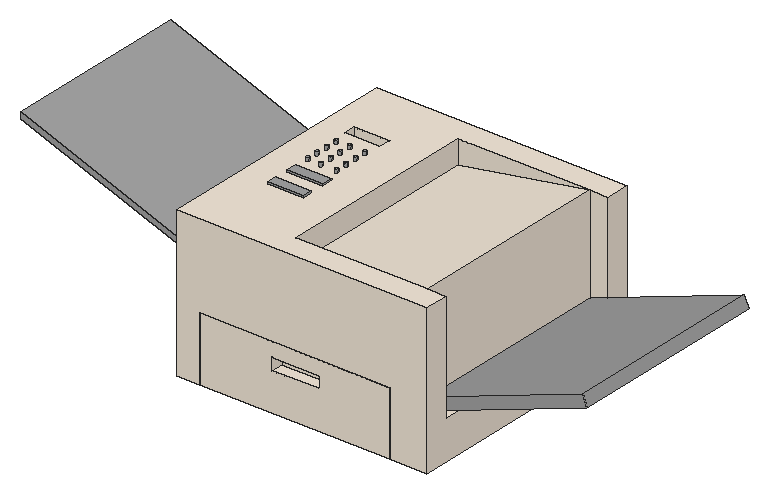
Revit family
Parameters
  Material Trays/Buttons = Plastic - Gray,Dark
  Material Fax = Plastic - White
  Keynote = "N"
  Assembly Code = "E1010800"
Reference planes
  plane 1 "Center F/B": y = 24.669
  plane 2: z = 0
  plane 3 "Center L/R": x = -2.165
  plane 4: x = -268.865
  plane 5: x = 264.535
  plane 6: y = 291.369
  plane 7: y = -242.031
Forms (mm)
  Extrusion 1, solid, material "Plastic - White" <- "Material Fax"
    sketch origin (0, 0, -472.355) x (1, 0, 0) y (0, 1, 0)
      loop
        line (-268.865, 291.369) -> (-268.865, -242.031) -> (264.535, -242.031) -> (264.535, 291.369) -> (-268.865, 291.369)
    from 472.355 to 789.122
  Extrusion 2, void
    sketch origin (-268.865, -242.031, -155.588) x (0, 0, -1) y (1, 0, 0)
      loop
        line (-155.588, 48.279) -> (-155.588, 454.679) -> (-292.833, 454.679) -> (-292.833, 48.279) -> (-155.588, 48.279)
    from 0 to -50.8
  Extrusion 3, solid, material "Plastic - White" <- "Material Fax"
    sketch origin (0, 24.669, -472.355) x (1, 0, 0) y (0, 0, 1)
      loop
        line (-220.586, 472.355) -> (185.814, 472.355) -> (185.814, 609.6) -> (-220.586, 609.6) -> (-220.586, 472.355)
    from 266.7 to 215.9
  Extrusion 4, void
    sketch origin (-268.865, -242.031, -155.588) x (0, 0, -1) y (1, 0, 0)
      loop
        line (-262.092, 202.091) -> (-236.692, 202.091) -> (-236.692, 303.691) -> (-262.092, 303.691) -> (-262.092, 202.091)
    from 0 to -25.4
  Extrusion 5, solid, material "Plastic - Gray,Dark" <- "Material Trays/Buttons"
    sketch origin (0, 24.669, 0) x (1, 0, 0) y (0, 0, 1)
      loop
        line (-268.865, 200.666) -> (-268.865, 213.516) -> (-644.763, 350.332) -> (-644.763, 337.481) -> (-268.865, 200.666)
    from -185.012 to 215.9
  Extrusion 6, void
    sketch origin (264.535, -242.031, 316.767) x (0, 0, -1) y (0, 1, 0)
      loop
        line (-20.714, 50.8) -> (233.286, 50.8) -> (233.286, 482.6) -> (-20.714, 482.6) -> (-20.714, 50.8)
    from 0 to -39.149
  Extrusion 7, solid, material "Plastic - Gray,Dark" <- "Material Trays/Buttons"
    sketch origin (-10.177, 24.669, 11.745) x (1, 0, 0) y (0, 0, 1)
      loop
        line (235.563, 72.937) -> (574.821, 196.416) -> (566.134, 220.285) -> (235.563, 99.967) -> (235.563, 72.937)
    from 215.9 to -215.9
  Extrusion 8, solid, material "Plastic - Gray,Dark" <- "Material Trays/Buttons"
    sketch origin (-226.756, 215.169, 316.767) x (-1, 0, 0) y (0, -1, 0)
      loop
        circle (-21.697, 189.095) r 3.175
      loop
        circle (-50.468, 189.095) r 3.175
      loop
        circle (-83.668, 189.546) r 3.175
      loop
        circle (-83.24, 163.695) r 3.175
      loop
        circle (-50.468, 163.695) r 3.175
      loop
        circle (-21.697, 163.695) r 3.175
      loop
        circle (-21.697, 138.295) r 3.175
      loop
        circle (-50.468, 138.295) r 3.175
      loop
        circle (-83.24, 138.295) r 3.175
      loop
        circle (-83.24, 112.895) r 3.175
      loop
        circle (-50.468, 112.895) r 3.175
      loop
        circle (-21.697, 112.895) r 3.175
    from 0 to 6.35
  Extrusion 9, void
    sketch origin (-226.756, 291.369, 316.767) x (-1, 0, 0) y (0, -1, 0)
      loop
        line (-10.843, 128.193) -> (-10.843, 153.593) -> (-87.043, 153.593) -> (-87.043, 128.193) -> (-10.843, 128.193)
    from 0 to -25.4
  Extrusion 10, solid, material "Plastic - Gray,Dark" <- "Material Trays/Buttons"
    sketch origin (-226.756, 291.369, 316.767) x (-1, 0, 0) y (0, -1, 0)
      loop
        line (-18.788, 292.769) -> (-18.788, 317.5) -> (-94.988, 317.5) -> (-94.988, 292.769) -> (-18.788, 292.769)
      loop
        line (-18.788, 347.249) -> (-18.788, 368.3) -> (-94.988, 368.3) -> (-94.988, 347.249) -> (-18.788, 347.249)
    from 0 to 3.175
  Extrusion 11, void
    sketch origin (0, 24.669, 0) x (1, 0, 0) y (0, 0, 1)
      loop
        line (-55.568, 316.767) -> (-55.568, 265.967) -> (225.386, 316.767) -> (-55.568, 316.767)
    from -215.9 to 215.9
Cuts and joins
  Extrusion 2, Extrusion 4, Extrusion 6, Extrusion 9, Extrusion 11 cuts Extrusion 1
  Extrusion 4, Extrusion 6, Extrusion 9, Extrusion 11 cuts Extrusion 3
  Extrusion 6, Extrusion 9, Extrusion 11 cuts Extrusion 5
  Extrusion 9, Extrusion 11 cuts Extrusion 7
  Extrusion 11 cuts Extrusion 10
Lines and regions (mm)
  Masking region 1
    outline origin (-226.756, 291.369, 316.767) x (-1, 0, 0) y (0, -1, 0)
      loop
        line (42.11, 81.688) -> (418.007, 81.688) -> (418.007, 482.6) -> (42.11, 482.6) -> (42.11, 533.4) -> (-491.29, 533.4) -> (-491.29, 482.6) -> (-782.713, 482.6) -> (-782.713, 50.8) -> (-491.29, 50.8) -> (-491.29, 0) -> (42.11, 0) -> (42.11, 81.688)
  symbolic lines
    curve 1: line (-268.865, 209.68, 0) -> (-644.763, 209.68, 0)
    curve 2: line (-644.763, 209.68, 0) -> (-644.763, -191.231, 0)
    curve 3: line (-644.763, -191.231, 0) -> (-268.865, -191.231, 0)
    curve 4: line (555.957, -191.231, 0) -> (555.957, 240.569, 0)
    curve 5: line (564.644, 240.569, 0) -> (225.386, 240.569, 0)
    curve 6: line (225.386, -191.231, 0) -> (564.644, -191.231, 0)
    curve 7: line (264.535, -242.031, 0) -> (264.535, 291.369, 0)
    curve 8: line (264.535, 291.369, 0) -> (-268.865, 291.369, 0)
    curve 9: line (-268.865, 291.369, 0) -> (-268.865, -242.031, 0)
    curve 10: line (-268.865, -242.031, 0) -> (264.535, -242.031, 0)
    curve 11: line (225.386, 240.569, 0) -> (225.386, -191.231, 0)
    curve 12: line (-55.568, 240.569, 0) -> (-55.568, -191.231, 0)
    curve 13: line (225.386, 240.569, 0) -> (-55.568, 240.569, 0)
    curve 14: line (185.814, -191.231, 0) -> (-220.586, -191.231, 0)
    curve 15: line (185.814, -242.031, 0) -> (185.814, -191.231, 0)
    curve 16: line (-220.586, -191.231, 0) -> (-220.586, -242.031, 0)
    curve 17: line (34.826, -216.631, 0) -> (-66.774, -216.631, 0)
    curve 18: line (-66.774, -216.631, 0) -> (-66.774, -242.031, 0)
    curve 19: line (34.826, -242.031, 0) -> (34.826, -216.631, 0)
    curve 20: line (-207.968, -76.931, 0) -> (-131.768, -76.931, 0)
    curve 21: line (-131.768, -55.88, 0) -> (-207.968, -55.88, 0)
    curve 22: line (-207.968, -26.131, 0) -> (-131.768, -26.131, 0)
    curve 23: line (-131.768, -1.4, 0) -> (-207.968, -1.4, 0)
    curve 24: line (-215.913, 137.776, 0) -> (-139.713, 137.776, 0)
    curve 25: line (-139.713, 163.176, 0) -> (-215.913, 163.176, 0)
    curve 26: line (-131.768, -26.131, 0) -> (-131.768, -1.4, 0)
    curve 27: line (-207.968, -1.4, 0) -> (-207.968, -26.131, 0)
    curve 28: line (-131.768, -76.931, 0) -> (-131.768, -55.88, 0)
    curve 29: line (-207.968, -55.88, 0) -> (-207.968, -76.931, 0)
    curve 30: line (-139.713, 137.776, 0) -> (-139.713, 163.176, 0)
    curve 31: line (-215.913, 163.176, 0) -> (-215.913, 137.776, 0)
Dimensions and locks
  equal spacing: plane 7, plane 1 "Center F/B", plane 6
  equal spacing: plane 4, plane 3 "Center L/R", plane 5
  aligned and locked: Masking region 1 sketch curve to cut or joined group of Extrusion 5, Extrusion 6, Extrusion 9, Extrusion 11  (x3)
  aligned and locked: Masking region 1 sketch curve to cut or joined group of Extrusion 1, Extrusion 2, Extrusion 4, Extrusion 6, Extrusion 9, Extrusion 11  (x4)
  aligned and locked: cut or joined group of Extrusion 7, Extrusion 9, Extrusion 11 to Masking region 1 sketch curve  (x2)
  aligned and locked: Masking region 1 sketch curve to curve 4
